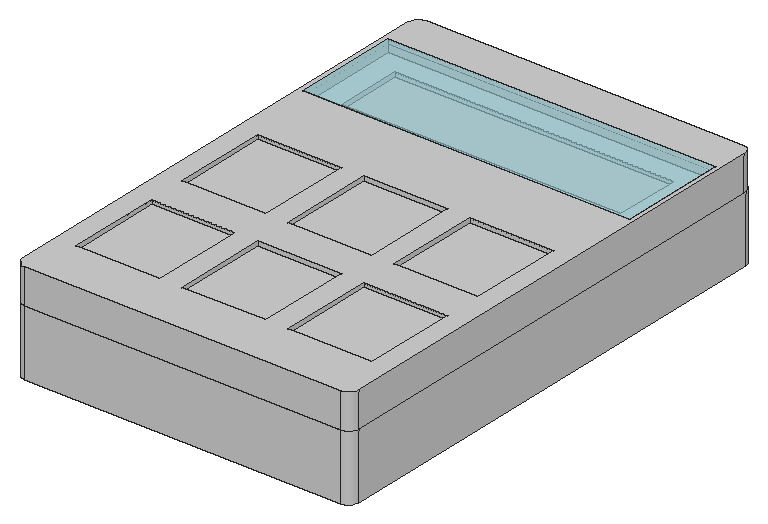
Revit family "Building-QuadriIEC309-GEWISS-68QDIN-QUADRI-PRESE-14MOD_6PRESE", category Apparecchi elettrici, host Superficie, Revit 2019
Family settings
  Host = Superficie
  Mantenere orientamento annotazione = Sì
  Quota connettore circolare = Usa diametro
  Tipo di parte = Normale
  Taglio con vuoti quando caricato = No
  Condiviso = No
  Punto di calcolo locali = Sì
Parameters (values of type "GW68008N - Q-DIN 14M 6FLANGE PR.16/32A IP65")
  visibilita posizionamento 2d [instance] = yes
  simbolo 2d [instance] = yes
  oggetto in pianta [instance] = not(visibilita posizionamento 2d)  # no
  distanza_simbolo [instance] = 0.1 mm
  bordo acceso [instance] = yes
  Visibilità sportello [instance] = yes
  Versione file RFA = "21.5"
  VETRO = Vetro
  URL = "https://www.gewiss.com/it/it"
  Tipologia di installazione = "Da parete"
  Tipo versione = "Vuoto"
  Termopressione con biglia = "70 °C"
  Temperatura di utilizzo = "-25 +40 °C"
  Spostamento_effettivo_S [instance] = 4000 mm - Spostamento_S  # 3000 mm
  Spostamento_S = 1000 mm
  Simbolo_quadro [instance] = not(simbolo 2d)  # no
  Scheda Tecnica = "https://www.gewiss.com/it/it/search?q=GW68008N"
  STRUTTURA ALTA = Poche
  STRUTTURA = RAL - 7035
  SEO = "Quadretto"
  Resistenza agli urti = "IK08"
  Default Elevation = 1219.2 mm
  Produttore = "GEWISS S.p.A."
  Potenza dissipabile B (W) = "64"
  Potenza dissipabile A (W) = "24"
  PRESA = rosso
  POMELLO = bianco
  N. prese alloggiabili = "6 IEC 309 16/32 A IP44/67"
  N. mod. EN 50022 = "14"
  N. coperchi ciechi in dotazione = "2 IEC 16/32 A"
  Modello = "GW68008N"
  Immagine tipo = GW68008N.jpg
  IDT = "cecb3bd3-e102-49fc-acd3-cb7b24533741"
  IDF = "274be3b8-c24e-43b0-b35a-d88e7745b8e9"
  Grado di protezione = "IP65"
  Glow Wire Test = "650°C"
  Descrizione = "Q-DIN 14M 6FLANGE PR.16/32A IP65"
  Creato da GEWISS S.p.A. = ""
  ConformitÃ  normativa = "EN 60208 - EN 60670-1 - IEC 60670-24"
  Colore = "Grigio RAL 7035"
  Codice Electrocod = "2242"
  Codice EAN = "8011564744790"
  Classe isolamento = "II"
  Catalogo Serie = "68 QDIN"
  Catalogo = "BUILDING"
  COBie.Tagnumber = ""
  COBie.CreatedOn = ""
  COBie.CreatebBy = ""
  COBie.ComponentRegisterItemID = ""
  COBie.Component.TagNumber = ""
  COBie.Component.Space = ""
  COBie.Component.SerialNumber = ""
  COBie.Component.InstallationDate = ""
  COBie.Component.Description = ""
  COBie.Component.BarCode = ""
Reference planes
  plane 1 "Centro (Fronte/Retro)": y = 0
  plane 2: z = 0
  plane 3 "Centro (Sinistra/Destra)": x = 0
  plane 4: x = -3000
  plane 5: x = 0
Forms (mm)
  Extrusion 1, solid, detail levels coarse
    sketch origin (0, 0, 0) x (1, 0, 0) y (0, 1, 0)
      loop
        line (-160, 0) -> (160, 0) -> (160, 478) -> (-160, 478) -> (-160, 0)
    from 0 to 96
Lines and regions (mm)
  Masking region 1, visible <- "visibilita posizionamento 2d"
    outline origin (0, 0, 0) x (1, 0, 0) y (0, 0, 1)
      loop
        line (-160, 0) -> (160, 0) -> (160, 96) -> (-160, 96) -> (-160, 0)
Dimensions and locks
  plane 4 to plane 3 "Centro (Sinistra/Destra)" = 3000 mm
  "Spostamento_effettivo_S": plane 4 to plane 5
  aligned and locked: plane 2 to host face
  aligned and locked: level to host face
  aligned and locked: nested 1 to plane 5
  aligned and locked: nested 3 to plane 5
  aligned and locked: nested 2 to plane 5
  aligned and locked: plane 1 "Centro (Fronte/Retro)" to nested 2
  aligned and locked: Extrusion 1 sketch curve to nested 2  (x4)
  aligned and locked: Extrusion 1 to nested 2
Automatic sketch dimensions
  host sketch curve to host sketch curve = 2438.4 mm  (x2)
  Masking region 1 sketch curve to level = 0 mm
  Masking region 1 sketch curve to plane 3 "Centro (Sinistra/Destra)" = 160 mm
  plane 3 "Centro (Sinistra/Destra)" to Masking region 1 sketch curve = 160 mm
  Masking region 1 sketch curve to Masking region 1 sketch curve = 96 mm
Nested families
  nested 1: "CENTRALINO" at (0, 737.795, 0), BORDO ACCESO <- "bordo acceso", SIMBOLO ACCESO <- "simbolo 2d", Distanza dal muro <- "distanza_simbolo", visible <- "simbolo 2d", type "CENTRALINO"
    with SIMBOLO ACCESO yes, Distanza dal muro 0.1 mm, BORDO ACCESO yes
  nested 2: "68QDIN14 QUADRO DISTRIBUZ X 6 PRESE IND_BASE" at (0, 316, 0), Visibilita sportello <- "Visibilità sportello", type "68QDIN14 QUADRO DISTRIBUZ X 6 PRESE IND_BASE", detail levels medium+fine
  nested 3: "simb_CENTRALINO_BASE_cad pro" at (0, 737.795, 0), Distanza dal muro <- "distanza_simbolo", visible <- "Simbolo_quadro", SIMBOLO ACCESO <- "Simbolo_quadro", type "simb_CENTRALINO_BASE_cad pro"
    with SIMBOLO ACCESO no, Distanza dal muro 0.1 mm, BORDO ACCESO yes
Definition of nested family "68QDIN14 QUADRO DISTRIBUZ X 6 PRESE IND_BASE"
  Parameters (values of type "68QDIN14 QUADRO DISTRIBUZ X 6 PRESE IND_BASE")
    n_moduli = 105 mm
    h_moduli = 64 mm
    Visibilita sportello [instance] = yes
    Vetro = none
    Struttura = none
    Spessore = 96 mm
    Default Elevation = 14 mm
    Presa = none
    Larghezza = 320 mm
    IFC.TypeObject = ""
    IFC.ExportType = ""
    IFC.ExportAs = ""
    H_da terra = 589.057 mm
    COBie.CreatedOn = ""
    COBie.CreatebBy = ""
    COBie.ComponentRegisterItemID = ""
    COBie.Component.TagNumber = ""
    COBie.Component.Space = ""
    COBie.Component.SerialNumber = ""
    COBie.Component.InstallationDate = ""
    COBie.Component.Description = ""
    COBie.Component.BarCode = ""
    Altezza scatole = 350 mm
    Altezza quadro = 150 mm
    Altezza = 258 mm
  Reference planes
    plane 1 "Centro (Fronte/Retro)": y = 0
    plane 2: z = 0
    plane 3 "Centro (Sinistra/Destra)": x = 0
    plane 4: z = 69.589
    plane 5: z = 115.626
    plane 6: z = 63
    plane 7: x = -160
    plane 8: x = 160
    plane 9: x = -156
    plane 10: x = 156
    plane 11: y = 123.21
    plane 12: y = 21.246
    plane 13: y = 0
    plane 14: y = -141
    plane 15: y = -51
    plane 16: y = -316
    plane 17: y = 162
    plane 18: z = 58
    plane 19: y = 103
    plane 20: y = 39
    plane 21: x = -52.5
    plane 22: x = 52.5
    plane 23: z = 92.059
    plane 24: z = 96
    plane 25 "posizionamento moduli": z = 84.734
    plane 26: z = 80.558
    plane 27: y = 71
    plane 28: x = -141
    plane 29: x = 158.1
    plane 30: x = -61
    plane 31: x = -40
    plane 32: x = 40
    plane 33: x = 61
    plane 34: x = 141
    plane 35: y = -177
  Forms (mm)
    Extrusion 1, solid, material <- "Struttura"
      sketch origin (0, -857.311, 0) x (1, 0, 0) y (0, 1, 0)
        loop
          arc (-150, 1019.311) -> (-157.071, 1016.382) -> (-160, 1009.311) r 10
          line (-160, 1009.311) -> (-160, 551.311)
          arc (-160, 551.311) -> (-157.071, 544.24) -> (-150, 541.311) r 10
          line (-150, 541.311) -> (150, 541.311)
          arc (150, 541.311) -> (157.071, 544.24) -> (160, 551.311) r 10
          line (160, 551.311) -> (160, 1009.311)
          arc (160, 1009.311) -> (157.071, 1016.382) -> (150, 1019.311) r 10
          line (150, 1019.311) -> (-150, 1019.311)
      from 63 to 96
    Extrusion 2, solid, material <- "Struttura"
      sketch origin (0, -857.311, 0) x (1, 0, 0) y (0, 1, 0)
        loop
          line (152.45, 1019.311) -> (-156.38, 1019.311)
          arc (-156.38, 1019.311) -> (-158.94, 1018.251) -> (-160, 1015.691) r 3.62
          line (-160, 1015.691) -> (-160, 551.311)
          arc (-160, 551.311) -> (-157.071, 544.24) -> (-150, 541.311) r 10
          line (-150, 541.311) -> (150, 541.311)
          arc (150, 541.311) -> (157.071, 544.24) -> (160, 551.311) r 10
          line (160, 551.311) -> (160, 1011.76)
          arc (160, 1011.76) -> (157.789, 1017.099) -> (152.45, 1019.311) r 7.55
      from 0 to 63
    Extrusion 3, void
      sketch origin (0, -857.311, 0) x (1, 0, 0) y (0, 1, 0)
        loop
          line (-156, 980.52) -> (-156, 878.557) -> (156, 878.557) -> (156, 980.52) -> (-156, 980.52)
      from 69.589 to 96
    Extrusion 4, solid, material <- "Vetro", visible <- "Visibilita sportello", detail levels fine
      sketch origin (0, -857.311, 0) x (1, 0, 0) y (0, 1, 0)
        loop
          line (-156, 980.52) -> (-156, 878.557) -> (156, 878.557) -> (156, 980.52) -> (-156, 980.52)
      from 92.059 to 96
    Extrusion 5, void
      sketch origin (0, 0, 0) x (1, 0, 0) y (0, 1, 0)
        loop
          line (-52.5, 39) -> (52.5, 39) -> (52.5, 103) -> (-52.5, 103) -> (-52.5, 39)
      from 80.558 to 84.734
    Extrusion 6, solid
      sketch origin (0, 0, 0) x (1, 0, 0) y (0, 1, 0)
        loop
          line (-156, 123.21) -> (-156, 21.246) -> (156, 21.246) -> (156, 123.21) -> (-156, 123.21)
      from 80.558 to 84.734
    Extrusion 7, void
      sketch origin (0, 0, 84.734) x (0, -1, 0) y (1, 0, 0)
        loop
          line (51, -141) -> (141, -141) -> (141, -61) -> (51, -61) -> (51, -141)
        loop
          line (141, -40) -> (141, 40) -> (51, 40) -> (51, -40) -> (141, -40)
        loop
          line (51, 61) -> (141, 61) -> (141, 141) -> (51, 141) -> (51, 61)
      from 7.325 to 11.266
    Extrusion 8, void
      sketch origin (0, -126, 84.734) x (0, -1, 0) y (1, 0, 0)
        loop
          line (51, -141) -> (141, -141) -> (141, -61) -> (51, -61) -> (51, -141)
        loop
          line (141, -40) -> (141, 40) -> (51, 40) -> (51, -40) -> (141, -40)
        loop
          line (51, 61) -> (141, 61) -> (141, 141) -> (51, 141) -> (51, 61)
      from 7.325 to 11.266
  Cuts and joins
    Extrusion 3, Extrusion 7, Extrusion 8 cuts Extrusion 1
    Extrusion 5 cuts Extrusion 6
    Extrusion 5 cuts Extrusion 4
  Lines and regions (mm)
    model lines
      curve 1: line (-52.5, 71, 84.734) -> (52.5, 71, 84.734)
  Dimensions and locks
    plane 4 to plane 5 = 46.036 mm
    locked: plane 7 to plane 9 at 4
    locked: plane 10 to plane 8 at 4
    equal spacing: plane 7, plane 3 "Centro (Sinistra/Destra)", plane 8
    "Larghezza": plane 7 to plane 8
    plane 13 to plane 15 = 51 mm
    plane 1 "Centro (Fronte/Retro)" to plane 17 = 162 mm
    plane 16 to plane 13 = 316 mm
    plane 12 to plane 1 "Centro (Fronte/Retro)" = 21.246 mm
    plane 11 to plane 17 = 38.79 mm
    locked: plane 6 to plane 18 at 5
    locked: plane 17 to plane 19 at 59
    "h_moduli": plane 19 to plane 20
    equal spacing: plane 21, plane 3 "Centro (Sinistra/Destra)", plane 22
    "n_moduli": plane 21 to plane 22
    locked: plane 24 to plane 23 at 3.941
    plane 6 to plane 2 = 63 mm
    locked: plane 23 to plane 25 "posizionamento moduli" at 7.325
    locked: plane 25 "posizionamento moduli" to plane 26 at 4.176
    equal spacing: plane 19, plane 27, plane 20
    locked: plane 29 to plane 8 at 1.9
    plane 28 to plane 30 = 80 mm  (x2)
    plane 30 to plane 31 = 21 mm
    plane 33 to plane 34 = 80 mm
    equal spacing: plane 31, plane 3 "Centro (Sinistra/Destra)", plane 32
    plane 31 to plane 3 "Centro (Sinistra/Destra)" = 40 mm
    plane 32 to plane 33 = 21 mm
    plane 15 to plane 14 = 90 mm
    plane 35 to plane 14 = 36 mm
    radius of Extrusion 2 sketch curve = 10 mm  (x2)
    radius of Extrusion 2 sketch curve = 3.62 mm
    radius of Extrusion 2 sketch curve = 7.55 mm
    radius of Extrusion 1 sketch curve = 10 mm  (x4)
    aligned and locked: level to plane 2
    aligned and locked: cut or joined group of Extrusion 1, Extrusion 3, Extrusion 7, Extrusion 8 to plane 4
    aligned and locked: plane 7 to Extrusion 2 sketch curve
    aligned and locked: plane 8 to Extrusion 2 sketch curve
    aligned and locked: plane 8 to Extrusion 1 sketch curve
    aligned and locked: plane 7 to Extrusion 1 sketch curve
    aligned and locked: Extrusion 4 sketch curve to plane 9
    aligned and locked: Extrusion 4 sketch curve to plane 10
    aligned and locked: Extrusion 3 sketch curve to plane 9
    aligned and locked: Extrusion 3 sketch curve to plane 10
    aligned and locked: Extrusion 4 sketch curve to plane 11
    aligned and locked: Extrusion 4 sketch curve to plane 12
    aligned and locked: Extrusion 3 sketch curve to plane 11
    aligned and locked: Extrusion 3 sketch curve to plane 12
    aligned and locked: plane 16 to Extrusion 2 sketch curve
    aligned and locked: plane 1 "Centro (Fronte/Retro)" to plane 13
    aligned and locked: plane 17 to Extrusion 1 sketch curve
    aligned and locked: Extrusion 5 sketch curve to plane 21
    aligned and locked: Extrusion 5 sketch curve to plane 19
    aligned and locked: Extrusion 5 sketch curve to plane 20
    aligned and locked: Extrusion 5 sketch curve to plane 22
    aligned and locked: plane 25 "posizionamento moduli" to Extrusion 5
    aligned and locked: Extrusion 5 to plane 26
    aligned and locked: Extrusion 6 sketch curve to plane 11
    aligned and locked: Extrusion 6 sketch curve to plane 12
    aligned and locked: Extrusion 6 to plane 26
    aligned and locked: plane 25 "posizionamento moduli" to Extrusion 6
    aligned and locked: Extrusion 6 sketch curve to Extrusion 4  (x2)
    aligned and locked: plane 27 to curve 1
    aligned and locked: plane 16 to Extrusion 1 sketch curve
    aligned and locked: Extrusion 2 sketch curve to plane 17
    aligned and locked: Extrusion 7 sketch curve to plane 15
    aligned and locked: Extrusion 7 sketch curve to plane 28
    aligned and locked: Extrusion 7 sketch curve to plane 30
    aligned and locked: Extrusion 7 sketch curve to plane 31
    aligned and locked: Extrusion 7 sketch curve to plane 32
    aligned and locked: Extrusion 7 sketch curve to plane 33
    aligned and locked: Extrusion 7 sketch curve to plane 34
    aligned and locked: Extrusion 1 to Extrusion 7
    aligned and locked: Extrusion 7 to plane 23
    aligned and locked: Extrusion 7 sketch curve to plane 14  (x3)
  Automatic sketch dimensions
    curve 1 to plane 21 = 0 mm
    curve 1 to plane 22 = 0 mm
    plane 15 to Extrusion 7 sketch curve = 0 mm
    Extrusion 7 sketch curve to plane 15 = 0 mm
    Extrusion 8 sketch curve to plane 28 = 0 mm
    Extrusion 8 sketch curve to plane 30 = 0 mm
    Extrusion 8 sketch curve to plane 34 = 0 mm
    Extrusion 8 sketch curve to plane 33 = 0 mm
    Extrusion 8 sketch curve to plane 32 = 0 mm
    Extrusion 8 sketch curve to plane 31 = 0 mm
    Extrusion 8 sketch curve to plane 14 = 36 mm  (x3)
    Extrusion 8 sketch curve to plane 16 = 49 mm
    Extrusion 8 sketch curve to Extrusion 8 sketch curve = 0 mm  (x2)
Definition of nested family "CENTRALINO"
  Parameters (values of type "CENTRALINO")
    SIMBOLO ACCESO [instance] = yes
    Distanza dal muro [instance] = 0 mm
    BORDO ACCESO [instance] = yes
  Reference planes
    plane 1: y = 0
    plane 2: x = 0
  Dimensions and locks
    "Distanza dal muro": plane 1 to nested 1
    aligned and locked: plane 2 to nested 1
  Nested families
    nested 1: "CENTRALINO_BASE" at (0, 0, 0), BORDO ACCESO <- "BORDO ACCESO", visible <- "SIMBOLO ACCESO", type "CENTRALINO"
      with BORDO ACCESO yes
  Definition of nested family "CENTRALINO_BASE"
    Parameters (values of type "CENTRALINO")
      Distanza dal muro = 0 mm
      BORDO ACCESO [instance] = yes
    Reference planes
      plane 1: y = 0
      plane 2: x = 0
    Lines and regions (mm)
      detail lines, visible <- "BORDO ACCESO", not visible
        curve 1: line (-2.443, 10.208, 0) -> (2.057, 10.208, 0)
        curve 2: line (2.057, 10.208, 0) -> (2.057, 4.208, 0)
        curve 3: line (2.057, 4.208, 0) -> (-2.443, 4.208, 0)
        curve 4: line (-2.443, 4.208, 0) -> (-2.443, 10.208, 0)
        curve 5: line (-2.043, 9.808, 0) -> (1.657, 9.808, 0)
        curve 6: line (1.657, 9.808, 0) -> (1.657, 4.608, 0)
        curve 7: line (1.657, 4.608, 0) -> (-2.043, 4.608, 0)
        curve 8: line (-2.043, 4.608, 0) -> (-2.043, 9.808, 0)
      detail lines
        curve 9: line (0, 0.671, 0) -> (0, 0, 0)
        curve 10: line (0.659, 0.671, 0) -> (0.659, 1.33, 0)
        curve 11: line (0.659, 1.33, 0) -> (-0.659, 1.33, 0)
        curve 12: line (-0.659, 1.33, 0) -> (-0.659, 0.671, 0)
        curve 13: line (-0.659, 0.671, 0) -> (0.659, 0.671, 0)
        curve 14: line (0.497, 1.33, 0) -> (0.497, 2, 0)
        curve 15: line (0.167, 1.33, 0) -> (0.167, 2, 0)
        curve 16: line (-0.162, 1.33, 0) -> (-0.162, 2, 0)
        curve 17: line (-0.491, 1.33, 0) -> (-0.491, 2, 0)
Definition of nested family "simb_CENTRALINO_BASE_cad pro"
  Parameters (values of type "simb_CENTRALINO_BASE_cad pro")
    SIMBOLO ACCESO [instance] = yes
    Distanza dal muro [instance] = 0 mm
    BORDO ACCESO [instance] = yes
  Reference planes
    plane 1: y = 0
    plane 2: x = 0
  Dimensions and locks
    "Distanza dal muro": plane 1 to nested 1
    aligned and locked: plane 2 to nested 1
  Nested families
    nested 1: "CENTRALINO_BASE_cad pro" at (0, 0, 0), type "CENTRALINO"
  Definition of nested family "CENTRALINO_BASE_cad pro"
    Parameters (values of type "CENTRALINO")
      Distanza dal muro = 0 mm
    Reference planes
      plane 1: y = 0
      plane 2: x = 0
    Lines and regions (mm)
      detail lines
        curve 1: line (1.33, 1.33, 0) -> (2.109, 1.33, 0)
        curve 2: line (2.109, 1.33, 0) -> (2.109, 0, 0)
        curve 3: line (2.109, 0, 0) -> (1.33, 0, 0)
        curve 4: line (1.33, 0, 0) -> (-1.33, 1.33, 0)
        curve 5: line (-1.33, 1.33, 0) -> (1.33, 1.33, 0)
        curve 6: line (1.33, 1.33, 0) -> (1.33, 0, 0)
        curve 7: line (1.33, 0, 0) -> (-1.33, 0, 0)
        curve 8: line (-1.33, 0, 0) -> (-1.33, 1.33, 0)
        curve 9: line (1.461, 0.665, 0) -> (1.977, 0.665, 0)
        curve 10: line (1.719, 0.665, 0) -> (1.719, 1.01, 0)
        curve 11: arc (1.977, 0.406, 0) -> (1.719, 0.665, 0) -> (1.461, 0.406, 0) r 0.258
